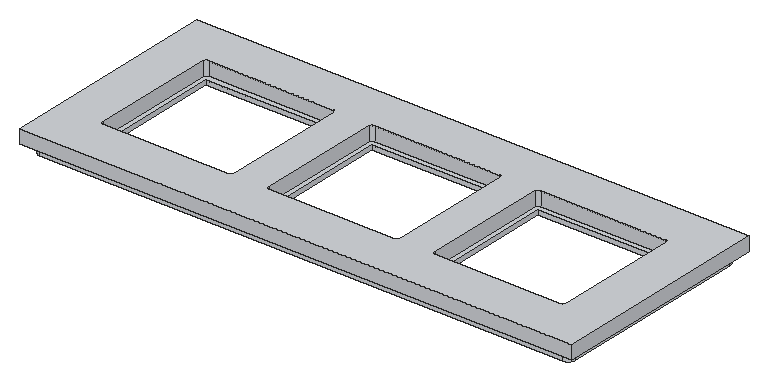
Revit family "Gira_0213223", category Electrical Fixtures, host Face, Revit 2017
Family settings
  Host = Face
  Maintain Annotation Orientation = No
  Round Connector Dimension = Use Diameter
  Part Type = Normal
  Cut with Voids When Loaded = No
  Shared = No
  Room Calculation Point = No
Parameters (values of type "Cov.fr. 3-g Gira Esprit Lin.pwd.dark brown")
  With mounting grid = "No"
  With hinged lid = "No"
  URL = "http://katalog.gira.de/en/datenblatt.html?artikelnr=0213223"
  Type of fastening = "Clamp mounting"
  Transparent = "No"
  Surface protection = "Other"
  Suitable for wall duct = "No"
  Suitable for flush-mounted installation = "Yes"
  Suitable for floor box = "No"
  Suitable for built-in installation = "No"
  Number of units vertical = "3"
  Number of units horizontal = "3"
  Number of units = "3"
  Name = "Cov.fr. 3-g Gira Esprit Lin.pwd.dark brown"
  Mounting direction = "Horizontal and vertical"
  Material quality = "Other"
  Material = "Other"
  Manufacturer URL = "https://www.gira.de/"
  Manufacturer = "Gira"
  Label space/information surface = "No"
  Keynote = ""
  HeinzeBIM = "https://bimportal.heinze.de/bim/cov-fr-3-g-gira-esprit-lin-pwd-dark-brown/787f413d3fdfe0723a4d6c2187a7ae669dcc21ab"
  Halogen free = "No"
  HAN = "0213223"
  GTIN = "4010337015956"
  Description = "Cov.fr.3g Espr. LPwDb,Gira Esprit cover frame,Linoleum-plywood dark brown,3-gang,Notes :,- Natural product. Colour deviations are possible.,- NCS value: approx. NCS S 8005-Y80R"
  Degree of protection (IP) = "IP20"
  Default Elevation = 1219.2 mm
  Data sheet (1) = "https://katalog.gira.de/en/download.html?artikelnr=0213223"
  Colour = "Other"
  Category = "Cover frame for domestic switching devices"
  BIM (1) = "https://media.stage.bim.site/public/gira/36a6b08/Espr._Rahmen_3fach.rfa"
  Available = "No"
Reference planes
  plane 1 "Center (Front/Back)": y = 0
  plane 2: z = 0
  plane 3 "Center (Left/Right)": x = 0
Forms (mm)
  Extrusion 1, solid, detail levels fine
    sketch origin (0, 0, 0) x (1, 0, 0) y (0, 1, 0)
      loop
        line (-118.4, 47.5) -> (-118.4, -47.5) -> (118.4, -47.5) -> (118.4, 47.5) -> (-118.4, 47.5)
      loop
        arc (-99.5, -26.7) -> (-99.061, -27.761) -> (-98, -28.2) r 1.5
        line (-98, -28.2) -> (-44.6, -28.2)
        arc (-44.6, -28.2) -> (-43.539, -27.761) -> (-43.1, -26.7) r 1.5
        line (-43.1, -26.7) -> (-43.1, 26.7)
        arc (-43.1, 26.7) -> (-43.539, 27.761) -> (-44.6, 28.2) r 1.5
        line (-44.6, 28.2) -> (-98, 28.2)
        arc (-98, 28.2) -> (-99.061, 27.761) -> (-99.5, 26.7) r 1.5
        line (-99.5, 26.7) -> (-99.5, -26.7)
      loop
        arc (-28.2, -26.7) -> (-27.761, -27.761) -> (-26.7, -28.2) r 1.5
        line (-26.7, -28.2) -> (26.7, -28.2)
        arc (26.7, -28.2) -> (27.761, -27.761) -> (28.2, -26.7) r 1.5
        line (28.2, -26.7) -> (28.2, 26.7)
        arc (28.2, 26.7) -> (27.761, 27.761) -> (26.7, 28.2) r 1.5
        line (26.7, 28.2) -> (-26.7, 28.2)
        arc (-26.7, 28.2) -> (-27.761, 27.761) -> (-28.2, 26.7) r 1.5
        line (-28.2, 26.7) -> (-28.2, -26.7)
      loop
        arc (43.1, -26.7) -> (43.539, -27.761) -> (44.6, -28.2) r 1.5
        line (44.6, -28.2) -> (98, -28.2)
        arc (98, -28.2) -> (99.061, -27.761) -> (99.5, -26.7) r 1.5
        line (99.5, -26.7) -> (99.5, 26.7)
        arc (99.5, 26.7) -> (99.061, 27.761) -> (98, 28.2) r 1.5
        line (98, 28.2) -> (44.6, 28.2)
        arc (44.6, 28.2) -> (43.539, 27.761) -> (43.1, 26.7) r 1.5
        line (43.1, 26.7) -> (43.1, -26.7)
    from 0 to 6
  Extrusion 2, solid, detail levels fine
    sketch origin (0, 0, 0) x (1, 0, 0) y (0, 1, 0)
      loop
        line (-97.2, -25.7) -> (-45.4, -25.7) -> (-45.4, 25.7) -> (-97.2, 25.7) -> (-97.2, -25.7)
      loop
        line (97.2, 25.7) -> (45.4, 25.7) -> (45.4, -25.7) -> (97.2, -25.7) -> (97.2, 25.7)
      loop
        arc (-114.002, -41.3) -> (-113.474, -42.573) -> (-112.202, -43.1) r 1.8
        line (-112.202, -43.1) -> (112.202, -43.1)
        arc (112.202, -43.1) -> (113.474, -42.573) -> (114.002, -41.3) r 1.8
        line (114.002, -41.3) -> (114.002, 41.3)
        arc (114.002, 41.3) -> (113.474, 42.573) -> (112.202, 43.1) r 1.8
        line (112.202, 43.1) -> (-112.202, 43.1)
        arc (-112.202, 43.1) -> (-113.474, 42.573) -> (-114.002, 41.3) r 1.8
        line (-114.002, 41.3) -> (-114.002, -41.3)
      loop
        line (25.9, 25.7) -> (-25.9, 25.7) -> (-25.9, -25.7) -> (25.9, -25.7) -> (25.9, 25.7)
    from -1.9 to 0
  Extrusion 3, solid, detail levels fine
    sketch origin (0, 0, 0) x (1, 0, 0) y (0, 1, 0)
      loop
        arc (-112.3, 44.4) -> (-114.421, 43.521) -> (-115.3, 41.4) r 3
        line (-115.3, 41.4) -> (-115.3, -41.4)
        arc (-115.3, -41.4) -> (-114.421, -43.521) -> (-112.3, -44.4) r 3
        line (-112.3, -44.4) -> (112.3, -44.4)
        arc (112.3, -44.4) -> (114.421, -43.521) -> (115.3, -41.4) r 3
        line (115.3, -41.4) -> (115.3, 41.4)
        arc (115.3, 41.4) -> (114.421, 43.521) -> (112.3, 44.4) r 3
        line (112.3, 44.4) -> (-112.3, 44.4)
      loop
        arc (-114.1, -41.4) -> (-113.573, -42.673) -> (-112.3, -43.2) r 1.8
        line (-112.3, -43.2) -> (112.3, -43.2)
        arc (112.3, -43.2) -> (113.573, -42.673) -> (114.1, -41.4) r 1.8
        line (114.1, -41.4) -> (114.1, 41.4)
        arc (114.1, 41.4) -> (113.573, 42.673) -> (112.3, 43.2) r 1.8
        line (112.3, 43.2) -> (-112.3, 43.2)
        arc (-112.3, 43.2) -> (-113.573, 42.673) -> (-114.1, 41.4) r 1.8
        line (-114.1, 41.4) -> (-114.1, -41.4)
    from -3.7 to 0
  Extrusion 4, solid, detail levels medium
    sketch origin (0, 0, 0) x (1, 0, 0) y (0, 1, 0)
      loop
        line (-118.4, 47.5) -> (-118.4, -47.5) -> (118.4, -47.5) -> (118.4, 47.5) -> (-118.4, 47.5)
    from 0 to 6
  Extrusion 5, solid, detail levels medium
    sketch origin (0, 0, 0) x (1, 0, 0) y (0, 1, 0)
      loop
        line (-115.3, 44.4) -> (-115.3, -44.4) -> (115.3, -44.4) -> (115.3, 44.4) -> (-115.3, 44.4)
    from -3.7 to 0
  Extrusion 6, solid, detail levels coarse
    sketch origin (0, 0, 0) x (1, 0, 0) y (0, 1, 0)
      loop
        line (-118.4, 47.5) -> (-118.4, -47.5) -> (118.4, -47.5) -> (118.4, 47.5) -> (-118.4, 47.5)
    from -3.7 to 6
Dimensions and locks
  aligned and locked: plane 2 to host face
  aligned and locked: level to host face
